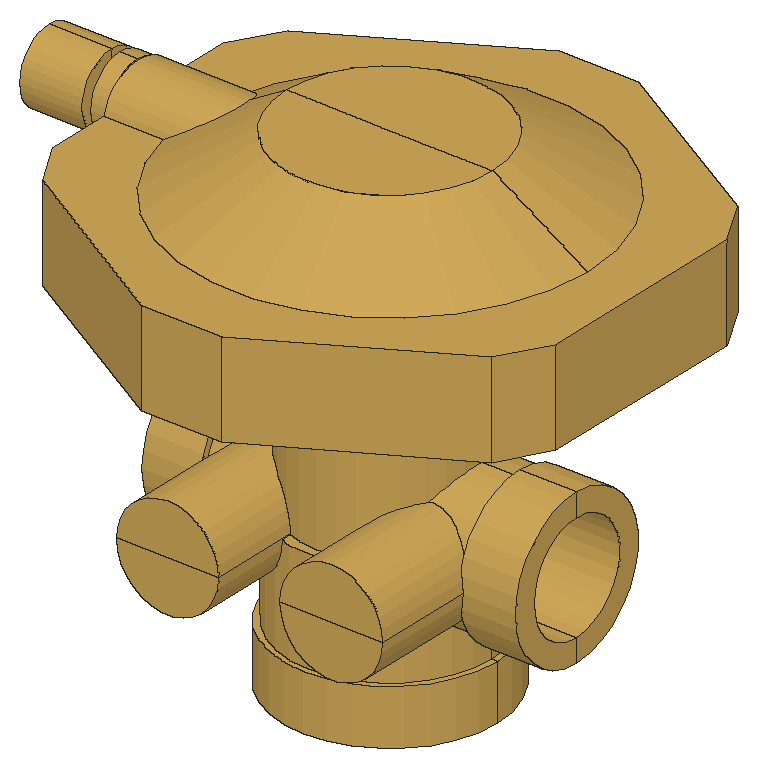
Revit family "Differenzdruckregler 4202 FIX TS 23kPa", category Rohrzubehör, Revit 2018
Family settings
  Bemaßung runder Anschluss = Durchmesser verwenden
  Teiletyp = Unterbricht
  OmniClass-Nummer = 23.65.55.14
  OmniClass-Titel = Valves for Liquid Services
  Arbeitsebenenbasiert = Nein
  Immer vertikal = Ja
  Beim Laden mit Abzugskörper schneiden = Nein
  Gemeinsam genutzt = Nein
Parameters (values of type "Ohne Dämmung")
  y2 [instance] = K14 + K9 + H01  # 49.149 mm
  y1 [instance] = (R03 * 2) + R05  # 66.000 mm
  Min. Betriebstemperatur (Frostschutz) = -20 °C  # constant formula
  Max. zulässige Betriebstemperatur bis DN32 = 130 °C  # constant formula
  Max. zulässige Betriebstemperatur DN40 - DN50 = 110 °C  # constant formula
  Max. Differenzdruck am Gehäuse = 400000.0 Pa  # constant formula
  Max. Betriebsdruck = 2500000.0 Pa  # constant formula
  Ventilschaft = "Edelstahl 14301"  # constant formula
  URL = "www.herz-armaturen.at"
  SCRNSEQ = "ARM;ARM_TYP=\"DIFR\";2"
  SCRNCODE = "05;03;4"  # constant formula
  S06 [instance] = 1.000 mm  # constant formula
  S05 [instance] = S01 - 1.000 mm  # 16.250 mm
  S04 [instance] = S02 - 1.000 mm  # 18.000 mm
  S03 [instance] = size_lookup("4202_FIX_TS_23", "S03", 26.500 mm, Nennweite)  # 25.600 mm
  S02 [instance] = size_lookup("4202_FIX_TS_23", "S02", 19.000 mm, Nennweite)  # 19.000 mm
  S01 [instance] = size_lookup("4202_FIX_TS_23", "S01", 17.250 mm, Nennweite)  # 17.250 mm
  Regleranschlussmutter = "Messing CW614N"  # constant formula
  Regelbereich = "FIX 23kPa"  # constant formula
  R06 [instance] = size_lookup("4202_FIX_TS_23", "R06", 14.500 mm, Nennweite)  # 14.500 mm
  R05 [instance] = size_lookup("4202_FIX_TS_23", "R05", 46.000 mm, Nennweite)  # 46.000 mm
  R04 [instance] = size_lookup("4202_FIX_TS_23", "R04", 12.500 mm, Nennweite)  # 12.500 mm
  R03 [instance] = size_lookup("4202_FIX_TS_23", "R03", 10.000 mm, Nennweite)  # 10.000 mm
  R02 = 14.500 mm  # constant formula
  R01 [instance] = size_lookup("4202_FIX_TS_23", "R01", 12.500 mm, Nennweite)  # 12.500 mm
  Min. Betriebstemperatur (reines Wasser) = 2 °C  # constant formula
  O-Ringe = "EPDM"  # constant formula
  Nennweite [instance] = 15.000 mm
  Membrangehäuse = "Messing CW602N"  # constant formula
  Membrane = "EPDM"  # constant formula
  Medium = "Wasserbeschaffenheit nach ÖNORM H 5195 und VDI 2035\r\nDie Verwendung von Ethylen- und Propylenglykol ist im\r\nMischungsverhältnis 25 - 50 Vol.-% zulässig."
  L2 [instance] = size_lookup("4202_FIX_TS_23", "L2", 161.000 mm, Nennweite)  # 161.000 mm
  L [instance] = size_lookup("4202_FIX_TS_23", "L", 66.000 mm, Nennweite)  # 66.000 mm
  K9 = 4.000 mm  # constant formula
  K8 = 55.000 mm  # constant formula
  K7 = 8.700 mm  # constant formula
  K6 = 11.700 mm  # constant formula
  K5 = 13.000 mm  # constant formula
  K4 = 12.000 mm  # constant formula
  K3 = 15.000 mm  # constant formula
  K2 = 2.350 mm  # constant formula
  K18 = 89.000 mm  # constant formula
  K17 = 66.700 mm  # constant formula
  K16 = 3.000 mm  # constant formula
  K15 = 26.649 mm  # constant formula
  K14 = 16.649 mm  # constant formula
  K13 = 16.649 mm  # constant formula
  K12 = 10.000 mm  # constant formula
  K11 = 35.000 mm  # constant formula
  K10 = 18.250 mm  # constant formula
  K1.1 = 2.350 mm  # constant formula
  K1 = 7.651 mm  # constant formula
  J9 = 15.700 mm  # constant formula
  J8 = 7.850 mm  # constant formula
  J7 = 15.897 mm  # constant formula
  J6 = 3.900 mm  # constant formula
  J5 = 6.500 mm  # constant formula
  J4 = 1.500 mm  # constant formula
  J3 = 3.200 mm  # constant formula
  J2 = 11.000 mm  # constant formula
  J11 = 3.500 mm  # constant formula
  J10 = 18.897 mm  # constant formula
  J1 = 6.500 mm  # constant formula
  Hersteller = "HERZ-Armaturen Ges.m.b.H"  # constant formula
  H2 [instance] = size_lookup("4202_FIX_TS_23", "H2", 28.000 mm, Nennweite)  # 28.000 mm
  H1 [instance] = K1 + K2 + K3 + K4 + K5 + K7 + K8 + K16 + 16.650 mm  # 133.351 mm
  H04 = 4.000 mm  # constant formula
  H03 = 9.800 mm  # constant formula
  H02 [instance] = size_lookup("4202_FIX_TS_23", "H02", 53.000 mm, Nennweite)  # 53.000 mm
  H01 [instance] = size_lookup("4202_FIX_TS_23", "H01", 25.000 mm, Nennweite)  # 28.500 mm
  Gehäuse = "DZR Messing CC770S"  # constant formula
  G03 [instance] = size_lookup("4202_FIX_TS_23", "G03", 13.200 mm, Nennweite)  # 13.200 mm
  G02 [instance] = size_lookup("4202_FIX_TS_23", "G02", 9.500 mm, Nennweite)  # 9.500 mm
  G01 [instance] = size_lookup("4202_FIX_TS_23", "G01", 13.500 mm, Nennweite)  # 13.500 mm
  Hinweise zum Material = "Gemäß Art 33 der REACH-Verordnung (EG Nr. 1907/2006) sind wir verpflichtet, darauf hinzuweisen,\r\ndass der Stoff Blei auf der SVHC-Liste geführt wird und dass alle aus Messing bestehenden Bauteile,\r\ndie in unseren Erzeugnissen verarbeitet sind, mehr als 0,1 % (w/w) Blei (CAS: 7439-92-1 / EINECS:\r\n231-100-4) enthalten. Da Blei als Legierungsbestandteil fest gebunden ist, sind keine Expositionen zu\r\nerwarten und daher sind keine zusätzlichen Angaben zur sicheren Verwendung notwendig.\r\n\r\nIm Hanf enthaltenes Ammoniak schädigt\r\nMessingventilgehäuse, EPDM Dichtungen werden durch\r\nMineralöle bzw. mineralölhaltige Schmierstoffe aufgequollen\r\nund führen somit zum Ausfall der EPDM-Dichtungen. Für\r\nFrost- und Korrosionsschutzmittel auf der Basis von Ethylen- und Propylenglykol sind die entsprechenden\r\nAngaben den Unterlagen des Herstellers zu entnehmen."
  Dämmung = no
  Dämmschale = "EPP (expandiertes Polypropylen)"  # constant formula
  Druckfeder = "Federstahl, rost-und säurebeständig"  # constant formula
  DN50 [instance] = Nennweite = 50.000 mm  # no
  DN40 [instance] = Nennweite = 40.000 mm  # no
  DN32-40 [instance] = or(Nennweite = 32.000 mm, Nennweite = 40.000 mm)  # no
  DN32 [instance] = Nennweite = 32.000 mm  # no
  DN25,32,40 [instance] = or(Nennweite = 25.000 mm, Nennweite = 32.000 mm, Nennweite = 40.000 mm)  # no
  DN25 [instance] = Nennweite = 25.000 mm  # no
  DN20 [instance] = Nennweite = 20.000 mm  # no
  DN15-25 [instance] = or(Nennweite = 15.000 mm, Nennweite = 20.000 mm, Nennweite = 25.000 mm)  # yes
  DN15,20,50 [instance] = or(Nennweite = 15.000 mm, Nennweite = 20.000 mm, Nennweite = 50.000 mm)  # yes
  DN15 [instance] = Nennweite = 15.000 mm  # yes
  D07 [instance] = if(Nennweite = 15.000 mm, 32.500 mm, if(Nennweite = 20.000 mm, 33.500 mm, if(Nennweite = 25.000 mm, 33.500 mm, if(Nennweite = 32.000 mm, 49.500 mm, if(Nennweite = 40.000 mm, 59.500 mm, if(Nennweite = 50.000 mm, 59.500 mm, 0.000 mm))))))  # 32.500 mm
  D06 [instance] = if(Nennweite = 15.000 mm, 32.500 mm, if(Nennweite = 20.000 mm, 33.500 mm, if(Nennweite = 25.000 mm, 33.500 mm, if(Nennweite = 32.000 mm, 49.500 mm, if(Nennweite = 40.000 mm, 59.500 mm, if(Nennweite = 50.000 mm, 59.500 mm, 0.000 mm))))))  # 32.500 mm
  D05 [instance] = if(Nennweite = 15.000 mm, 36.750 mm, if(Nennweite = 20.000 mm, 40.700 mm, if(Nennweite = 25.000 mm, 49.200 mm, if(Nennweite = 32.000 mm, 54.150 mm, if(Nennweite = 40.000 mm, 60.750 mm, if(Nennweite = 50.000 mm, 72.700 mm, 0.000 mm))))))  # 36.750 mm
  D04 [instance] = if(Nennweite = 15.000 mm, 78.500 mm, if(Nennweite = 20.000 mm, 82.000 mm, if(Nennweite = 25.000 mm, 84.000 mm, if(Nennweite = 32.000 mm, 120.000 mm, if(Nennweite = 40.000 mm, 130.000 mm, if(Nennweite = 50.000 mm, 130.500 mm, 0.000 mm))))))  # 78.500 mm
  D03 [instance] = if(Nennweite = 15.000 mm, 96.000 mm, if(Nennweite = 20.000 mm, 110.000 mm, if(Nennweite = 25.000 mm, 112.000 mm, if(Nennweite = 32.000 mm, 152.000 mm, if(Nennweite = 40.000 mm, 170.000 mm, if(Nennweite = 50.000 mm, 179.000 mm, 0.000 mm))))))  # 96.000 mm
  D02 [instance] = size_lookup("4202_FIX_TS_23", "R05", 41.000 mm, Nennweite)  # 46.000 mm
  D01 [instance] = size_lookup("4202_FIX_TS_23", "G01", 13.220 mm, Nennweite)  # 13.500 mm
  Bestellnummer Dämmung [instance] = if(and(Dämmung, Nennweite = 15.000 mm), 1409611, if(and(Dämmung, Nennweite = 20.000 mm), 1409612, if(and(Dämmung, Nennweite = 25.000 mm), 1409613, if(and(Dämmung, Nennweite = 32.000 mm), 1409614, if(and(Dämmung, Nennweite = 40.000 mm), 1409615, if(and(Dämmung, Nennweite = 50.000 mm), 1409616, 0))))))  # 0
  Bestellnummer [instance] = if(Nennweite = 15.000 mm, 1420281, if(Nennweite = 20.000 mm, 1420282, if(Nennweite = 25.000 mm, 1420283, if(Nennweite = 32.000 mm, 1420284, if(Nennweite = 40.000 mm, 1420285, if(Nennweite = 50.000 mm, 1420286, 0))))))  # 1420281
  B2 [instance] = size_lookup("4202_FIX_TS_23", "B2", 31.000 mm, Nennweite)  # 31.000 mm
  B1 [instance] = size_lookup("4202_FIX_TS_23", "B1", 26.000 mm, Nennweite)  # 26.000 mm
  B04 = 100.649 mm  # constant formula
  B03 = 44.500 mm  # constant formula
  B02 = 104.688 mm  # constant formula
  B01 = 10.000 mm  # constant formula
  Anwendungsgebiet = "Der Differenzdruckregler ist ein Regler mit linearer Kennlinie in Geradsitzausführung und arbeitet ohne Hilfsenergie. Der Differenzdruck-Sollwert beträgt 23 kPa, 50 kPa bzw 13 kPa. Im Lieferumfang enthalten ist die Impulsleitung (1000 mm), diese ist mit einem Strangregulierventil im Vorlauf zu verbinden."
  Anschlussnippel = "Messing CW602N"  # constant formula
  Anschlussgewinde für Antrieb = "Messing CW602N"  # constant formula
Types (2, lengths in mm): name | Dämmung | Bestellnummer Dämmung
  Ohne Dämmung | no | 0
  Mit Dämmung | yes | 1409611
Reference planes
  plane 1 "Mitte (Vorne/hinten)": y = 0
  plane 2: z = 0
  plane 3 "Mitte (Links/rechts)": x = 0
Forms (mm)
  Revolve 1, solid, material "Messing, weicher Gelbton, geschweißt", detail levels fine
    sketch origin (0, 0, 0) x (1, 0, 0) y (0, 0, 1)
      loop
        line (-19.8, 0) -> (19.8, 0) -> (19.8, 9.5) -> (33, 9.5) -> (33, 13.5) -> (23, 13.5) -> (23, 12.5) -> (-23, 12.5) -> (-23, 13.5) -> (-33, 13.5) -> (-33, 9.5) -> (-19.8, 9.5) -> (-19.8, 0)
      axis (-33, 0) -> (33, 0)
    angle from 0 to 360
  Revolve 2, solid, material "Messing, weicher Gelbton, geschweißt", detail levels fine
    sketch origin (0, 0, 0) x (1, 0, 0) y (0, 0, 1)
      loop
        line (0, -28) -> (0, 0) -> (-18, 0) -> (-18, -18.2) -> (-19, -18.2) -> (-19, -28) -> (0, -28)
      axis (0, 0) -> (0, -28)
    angle from 0 to 360
  Extrusion 3, solid, material "Messing, weicher Gelbton, geschweißt", detail levels fine
    sketch origin (0, 0, 0) x (0, -1, 0) y (1, 0, 0)
      loop
        line (-46, -7.038) -> (-27.114, -39.75) -> (-18.886, -44.5) -> (18.886, -44.5) -> (27.114, -39.75) -> (46, -7.038) -> (46, 7.038) -> (27.114, 39.75) -> (18.886, 44.5) -> (-18.886, 44.5) -> (-27.114, 39.75) -> (-46, 7.038) -> (-46, -7.038)
    from 32.5 to 49.149
  Revolve 4, solid, material "Messing, weicher Gelbton, geschweißt", detail levels fine
    sketch origin (0, 0, -7.051) x (1, 0, 0) y (0, 0, 1)
      loop
        line (0, 56.2) -> (0, 66.2) -> (-18.25, 66.2) -> (-35, 56.2) -> (0, 56.2)
      axis (0, 66.2) -> (0, 56.2)
    angle from 0 to 360
  Revolve 5, solid, material "Messing, weicher Gelbton, geschweißt", visible <- "DN15-25", detail levels fine
    sketch origin (-11, 0, 0) x (1, 0, 0) y (0, 1, 0)
      loop
        line (-1.5, 26) -> (-9.2, 26) -> (-9.2, 0) -> (-1.5, 0) -> (-1.5, 26)
      axis (-1.5, 0) -> (-1.5, 26)
    angle from 0 to 360
  Revolve 6, solid, material "Messing, weicher Gelbton, geschweißt", detail levels fine
    sketch origin (-0.988, 0, -6.853) x (-1, 0, 0) y (0, 0, 1)
      loop
        line (43.5, 55.25) -> (59.2, 55.25) -> (59.2, 61.75) -> (48.2, 61.75) -> (48.2, 59.15) -> (46.7, 59.15) -> (46.7, 61.75) -> (43.5, 61.75) -> (43.5, 55.25)
      axis (43.5, 55.25) -> (59.2, 55.25)
    angle from 0 to 360
  Extrusion 7, solid, material "Messing, weicher Gelbton, geschweißt", detail levels fine
    sketch origin (0, 0, 0) x (0, 1, 0) y (0, 0, -1)
      loop
        line (7.85, -47.047) -> (7.85, -36) -> (-7.85, -36) -> (-7.85, -47.047)
        arc (-7.85, -47.047) -> (0, -54.897) -> (7.85, -47.047) r 7.85
    from 0 to 44.5
  Revolve 8, solid, material "Messing, weicher Gelbton, geschweißt", visible <- "DN15-25", detail levels fine
    sketch origin (-2, 0, 0) x (1, 0, 0) y (0, 1, 0)
      loop
        line (-12.5, 0) -> (-21.5, 0) -> (-21.5, -31) -> (-12.5, -31) -> (-12.5, 0)
      axis (-12.5, 0) -> (-12.5, -31)
    angle from 0 to 360
  Revolve 9, solid, material "Messing, weicher Gelbton, geschweißt", visible <- "DN15-25", detail levels fine
    sketch origin (2, 0, 0) x (1, 0, 0) y (0, 1, 0)
      loop
        line (12.5, 0) -> (12.5, -31) -> (21.6, -31) -> (21.6, 0) -> (12.5, 0)
      axis (12.5, 0) -> (12.5, -31)
    angle from 0 to 360
  Extrusion 10, solid, material "Messing, weicher Gelbton, geschweißt", visible <- "DN32", detail levels fine
    sketch origin (-31.5, 0, 0) x (1, 0, 0) y (0, 1, 0)
      loop
        circle (63, 0) r 6.578
      loop
        circle (63, 0) r 3.28
    from -47 to 0
  Extrusion 11, solid, material "Messing, weicher Gelbton, geschweißt", visible <- "DN32", detail levels fine
    sketch origin (31.5, 0, 0) x (-1, 0, 0) y (0, -1, 0)
      loop
        circle (63, 0) r 6.578
      loop
        circle (63, 0) r 3.28
    from -47 to 0
  Revolve 12, solid, material "Messing, weicher Gelbton, geschweißt", detail levels fine
    sketch origin (0, 0, 0) x (1, 0, 0) y (0, 0, 1)
      loop
        line (-16.25, 0) -> (0, 0) -> (0, 32.5) -> (-12.25, 32.5) -> (-12.25, 28.5) -> (-17.25, 28.5) -> (-17.25, 18.7) -> (-16.25, 18.7) -> (-16.25, 0)
      axis (0, 32.5) -> (0, 0)
    angle from 0 to 360
  Extrusion 13, solid, material "Messing, weicher Gelbton, geschweißt", visible <- "DN40", detail levels fine
    sketch origin (29.382, 0, 0) x (-1, 0, 0) y (0, -1, 0)
      loop
        circle (63, 0) r 6.578
      loop
        circle (63, 0) r 3.28
    from -58 to 0
  Extrusion 14, solid, material "Messing, weicher Gelbton, geschweißt", visible <- "DN40", detail levels fine
    sketch origin (-29.455, 0, 0) x (1, 0, 0) y (0, 1, 0)
      loop
        circle (63, 0) r 6.578
      loop
        circle (63, 0) r 3.28
    from -58 to 0
  Extrusion 15, solid, material "Messing, weicher Gelbton, geschweißt", visible <- "DN50", detail levels fine
    sketch origin (28.422, 0, 0) x (-1, 0, 0) y (0, -1, 0)
      loop
        circle (63, 0) r 6.578
      loop
        circle (63, 0) r 3.28
    from -58 to 0
  Extrusion 16, solid, material "Messing, weicher Gelbton, geschweißt", visible <- "DN50", detail levels fine
    sketch origin (-28.422, 0, 0) x (1, 0, 0) y (0, 1, 0)
      loop
        circle (63, 0) r 6.578
      loop
        circle (63, 0) r 3.28
    from -58 to 0
  Revolve 17, solid, material "Messing, weicher Gelbton, geschweißt", visible <- "DN32-40", detail levels fine
    sketch origin (-11, 0, 0) x (1, 0, 0) y (0, 1, 0)
      loop
        line (-1.5, -26) -> (-1.5, 0) -> (-9.2, 0) -> (-9.2, -26) -> (-1.5, -26)
      axis (-1.5, 0) -> (-1.5, -26)
    angle from 0 to 360
  Revolve 18, solid, material "Kunststoff-Anthrazit/Schwarz", visible <- "Dämmung"
    sketch origin (0, 0, 0) x (1, 0, 0) y (0, 0, 1)
      loop
        line (48, 32.5) -> (-48, 32.5) -> (-48, 13.5) -> (-23, 13.5) -> (-23, 0) -> (0, 0) -> (23, 0) -> (23, 13.5) -> (48, 13.5) -> (48, 32.5)
      axis (-48, 0) -> (48, 0)
    angle from 0 to 360
  Revolve 19, solid, material "Kunststoff-Anthrazit/Schwarz", visible <- "Dämmung"
    sketch origin (0, 0, 0) x (1, 0, 0) y (0, 0, 1)
      loop
        line (0, -46) -> (36.75, -46) -> (36.75, 32.5) -> (0, 32.5) -> (0, -46)
      axis (0, 32.5) -> (0, -46)
    angle from 0 to 360
Lines and regions (mm)
  model lines, detail levels coarse+medium
    curve 1: line (33, -13.5, 0) -> (33, 13.5, 0)
    curve 2: line (33, 13.5, 0) -> (-33, -13.5, 0)
    curve 3: line (-33, -13.5, 0) -> (-33, 13.5, 0)
    curve 4: line (-33, 13.5, 0) -> (33, -13.5, 0)
    curve 5: line (0, -18.5, 0) -> (0, -32.5, 0)
    curve 6: spline (-44.5, -40.824, 0) -> (-42.984, -38.67, 0) -> (-38.538, -36.662, 0) -> (-31.466, -34.938, 0) -> (-22.25, -33.615, 0) -> (-11.517, -32.784, 0) -> (0, -32.5, 0) -> (11.517, -32.784, 0) -> (22.25, -33.615, 0) -> (31.466, -34.938, 0) -> (38.538, -36.662, 0) -> (42.984, -38.67, 0) -> (44.5, -40.825, 0) -> (42.984, -42.979, 0) -> (38.538, -44.987, 0) -> (31.466, -46.711, 0) -> (22.25, -48.034, 0) -> (11.517, -48.865, 0) -> (0, -49.149, 0) -> (-11.517, -48.865, 0) -> (-22.25, -48.034, 0) -> (-31.466, -46.711, 0) -> (-38.538, -44.987, 0) -> (-42.984, -42.979, 0) -> (-44.5, -40.824, 0)
    curve 7: line (0, 0, 13.5) -> (0, 0, 32.5)
    curve 8: spline (-44.5, 0, 40.825) -> (-42.984, 0, 42.979) -> (-38.538, 0, 44.987) -> (-31.466, 0, 46.711) -> (-22.25, 0, 48.034) -> (-11.517, 0, 48.865) -> (0, 0, 49.149) -> (11.517, 0, 48.865) -> (22.25, 0, 48.034) -> (31.466, 0, 46.711) -> (38.538, 0, 44.987) -> (42.984, 0, 42.979) -> (44.5, 0, 40.824) -> (42.984, 0, 38.67) -> (38.538, 0, 36.662) -> (31.466, 0, 34.938) -> (22.25, 0, 33.615) -> (11.517, 0, 32.784) -> (0, 0, 32.5) -> (-11.517, 0, 32.784) -> (-22.25, 0, 33.615) -> (-31.466, 0, 34.938) -> (-38.538, 0, 36.662) -> (-42.984, 0, 38.67) -> (-44.5, 0, 40.825)
    curve 9: line (0, 0, 13.5) -> (16.5, 0, 6.75)
    curve 10: line (0, 0, 13.5) -> (-16.5, 0, 6.75)
    curve 11: line (0, -18.5, 0) -> (-6.483, -2.652, 0)
    curve 12: line (0, -18.5, 0) -> (6.483, -2.652, 0)
    curve 13: line (-33, 0, 13.5) -> (33, 0, -13.5)
    curve 14: line (33, 0, -13.5) -> (33, 0, 13.5)
    curve 15: line (33, 0, 13.5) -> (-33, 0, -13.5)
    curve 16: line (-33, 0, -13.5) -> (-33, 0, 13.5)
Dimensions and locks
  "G01": Revolve 1 sketch curve to Revolve 1 sketch curve  (x2)
  "R01": Revolve 1 sketch curve to Revolve 1 sketch curve
  "R03": Revolve 1 sketch curve to Revolve 1 sketch curve  (x2)
  "K10": Revolve 4 sketch curve to Revolve 4 sketch curve
  "K11": Revolve 4 sketch curve to Revolve 4 sketch curve
  "B1": Revolve 5 sketch curve to Revolve 5 sketch curve
  "J1": Revolve 6 sketch curve to Revolve 6 sketch curve
  "J3": Revolve 6 sketch curve to Revolve 6 sketch curve
  "J4": Revolve 6 sketch curve to Revolve 6 sketch curve
  "J2": Revolve 6 sketch curve to Revolve 6 sketch curve
  "J5": Revolve 6 sketch curve to Revolve 6 sketch curve
  "J6": Revolve 6 sketch curve to Revolve 6 sketch curve
  "H2": plane 2 to Revolve 2 sketch curve
  "H03": Revolve 2 sketch curve to Revolve 2 sketch curve
  "S02": plane 3 "Mitte (Links/rechts)" to Revolve 2 sketch curve
  "B02": Revolve 6 to Extrusion 3
  "B03": Extrusion 3 to plane 3 "Mitte (Links/rechts)"
  "R04": Revolve 5 sketch curve to plane 3 "Mitte (Links/rechts)"
  "K12": Revolve 4 sketch curve to Revolve 4 sketch curve
  "K13": Revolve 4 sketch curve to Extrusion 3
  "K14": Extrusion 3 to Extrusion 3
  "R05": Revolve 1 sketch curve to Revolve 1 sketch curve
  equal spacing: Revolve 1 sketch curve, plane 3 "Mitte (Links/rechts)", Revolve 1 sketch curve
  "B2": plane 1 "Mitte (Vorne/hinten)" to Revolve 8 sketch curve
  "B2": Revolve 9 sketch curve to plane 1 "Mitte (Vorne/hinten)"
  "R06": Revolve 8 sketch curve to plane 3 "Mitte (Links/rechts)"
  "R06": plane 3 "Mitte (Links/rechts)" to Revolve 9 sketch curve
  "S01": Revolve 12 sketch curve to plane 3 "Mitte (Links/rechts)"
  "S05": plane 3 "Mitte (Links/rechts)" to Revolve 12 sketch curve
  "H04": Revolve 12 sketch curve to Revolve 12 sketch curve
  "H03": Revolve 12 sketch curve to Revolve 12 sketch curve
  "H01": Revolve 12 sketch curve to plane 2
  "K9": Extrusion 3 to Revolve 12
  "S06": Revolve 2 sketch curve to Revolve 2 sketch curve
  "J7": Revolve 6 sketch curve to Extrusion 3
  "J9": Extrusion 7 sketch curve to Extrusion 7 sketch curve
  "J10": Revolve 6 to Extrusion 7 sketch curve
  "J11": Extrusion 7 sketch curve to Extrusion 3
  "K18": Extrusion 3 to Extrusion 3
  "K18": curve 8 to curve 8
  "G01": curve 10 to plane 2
  "K14": curve 8 to curve 8
  "y2": curve 8 to plane 2
  "G01": plane 1 "Mitte (Vorne/hinten)" to curve 4
  "G01": curve 3 to plane 1 "Mitte (Vorne/hinten)"
  equal spacing: curve 3, curve 8, curve 1
  equal spacing: curve 3, curve 12, curve 1
  "y1": curve 3 to curve 1
  "G01": plane 1 "Mitte (Vorne/hinten)" to curve 2
  "G01": curve 4 to plane 1 "Mitte (Vorne/hinten)"
  "K18": curve 6 to curve 6
  "K14": curve 6 to curve 6
  "y2": curve 6 to plane 1 "Mitte (Vorne/hinten)"
  "B1": Revolve 17 sketch curve to Revolve 17 sketch curve
  "R04": Revolve 17 sketch curve to plane 3 "Mitte (Links/rechts)"
  "G02": Revolve 1 sketch curve to plane 2  (x2)
  "G03": Revolve 1 sketch curve to Revolve 1 sketch curve  (x2)
  Revolve 1 sketch curve to Revolve 1 sketch curve = 66.000 mm
  equal spacing: curve 10, plane 3 "Mitte (Links/rechts)", curve 9
  "L": curve 14 to curve 16
  equal spacing: curve 14, curve 6, curve 16
  equal spacing: curve 14, curve 9, curve 10, curve 10, curve 16
  "G01": curve 16 to plane 2
  "G01": plane 2 to curve 16
  "G01": curve 15 to plane 2
  "G01": plane 2 to curve 14
  "D07": Revolve 18 sketch curve to plane 2
  "D01": Revolve 18 sketch curve to plane 2  (x2)
  "D03": Revolve 18 sketch curve to Revolve 18 sketch curve
  "D02": Revolve 18 sketch curve to Revolve 18 sketch curve
  equal spacing: Revolve 18 sketch curve, plane 3 "Mitte (Links/rechts)", Revolve 18 sketch curve  (x2)
  "D06": Revolve 19 sketch curve to plane 2
  "D05": Revolve 19 sketch curve to Revolve 19 sketch curve
  "D04": Revolve 19 sketch curve to Revolve 19 sketch curve
  "J8": radius of Extrusion 7 sketch curve
  aligned and locked: level to plane 2
Automatic sketch dimensions
  plane 3 "Mitte (Links/rechts)" to Extrusion 3 sketch curve = 7.038 mm  (x2)
  Extrusion 3 sketch curve to plane 1 "Mitte (Vorne/hinten)" = 46.000 mm
  Extrusion 3 sketch curve to plane 1 "Mitte (Vorne/hinten)" = 27.114 mm  (x2)
  Extrusion 3 sketch curve to Extrusion 3 sketch curve = 8.227 mm  (x4)
  plane 1 "Mitte (Vorne/hinten)" to Extrusion 3 sketch curve = 18.886 mm  (x2)
  Extrusion 3 sketch curve to Extrusion 3 sketch curve = 18.886 mm
  Extrusion 3 sketch curve to plane 3 "Mitte (Links/rechts)" = 7.038 mm  (x2)
  Extrusion 3 sketch curve to Extrusion 3 sketch curve = 32.712 mm  (x4)
  Extrusion 3 sketch curve to Extrusion 3 sketch curve = 4.750 mm  (x2)
  Extrusion 10 sketch curve to Extrusion 10 sketch curve = 0.000 mm  (x2)
  plane 1 "Mitte (Vorne/hinten)" to Extrusion 10 sketch curve = 0.000 mm
  plane 3 "Mitte (Links/rechts)" to Extrusion 10 sketch curve = 31.500 mm
  Extrusion 11 sketch curve to Extrusion 11 sketch curve = 0.000 mm  (x2)
  plane 1 "Mitte (Vorne/hinten)" to Extrusion 11 sketch curve = 0.000 mm
  plane 3 "Mitte (Links/rechts)" to Extrusion 11 sketch curve = 31.500 mm
  Extrusion 13 sketch curve to Extrusion 13 sketch curve = 0.000 mm  (x2)
  plane 1 "Mitte (Vorne/hinten)" to Extrusion 13 sketch curve = 0.000 mm
  plane 3 "Mitte (Links/rechts)" to Extrusion 13 sketch curve = 33.618 mm
  Extrusion 14 sketch curve to Extrusion 14 sketch curve = 0.000 mm  (x2)
  plane 1 "Mitte (Vorne/hinten)" to Extrusion 14 sketch curve = 0.000 mm
  plane 3 "Mitte (Links/rechts)" to Extrusion 14 sketch curve = 33.545 mm
  Extrusion 15 sketch curve to Extrusion 15 sketch curve = 0.000 mm  (x2)
  plane 1 "Mitte (Vorne/hinten)" to Extrusion 15 sketch curve = 0.000 mm
  plane 3 "Mitte (Links/rechts)" to Extrusion 15 sketch curve = 34.578 mm
  Extrusion 16 sketch curve to Extrusion 16 sketch curve = 0.000 mm  (x2)
  plane 1 "Mitte (Vorne/hinten)" to Extrusion 16 sketch curve = 0.000 mm
  plane 3 "Mitte (Links/rechts)" to Extrusion 16 sketch curve = 34.578 mm
  curve 8 to plane 3 "Mitte (Links/rechts)" = 0.000 mm
  curve 11 to plane 3 "Mitte (Links/rechts)" = 0.000 mm
  curve 6 to plane 3 "Mitte (Links/rechts)" = 0.000 mm
  curve 5 to curve 12 = 14.000 mm
  Revolve 1 sketch curve to level = 0.000 mm  (x2)
  Revolve 1 sketch curve to Revolve 1 sketch curve = 1473.530 mm
  Revolve 1 sketch curve to Revolve 1 sketch curve = 1806.148 mm
  Revolve 2 sketch curve to level = 0.000 mm
  Revolve 2 sketch curve to plane 3 "Mitte (Links/rechts)" = 0.000 mm  (x2)
  Revolve 2 sketch curve to Revolve 2 sketch curve = 1.000 mm
  Revolve 2 sketch curve to Revolve 2 sketch curve = 334.045 mm
  level to Revolve 2 sketch curve = 2218.015 mm
  Revolve 4 sketch curve to plane 3 "Mitte (Links/rechts)" = 0.000 mm  (x2)
  Revolve 4 sketch curve to level = 373.096 mm
  Revolve 4 sketch curve to Revolve 4 sketch curve = 2155.315 mm
  plane 1 "Mitte (Vorne/hinten)" to Revolve 5 sketch curve = 0.000 mm  (x2)
  Revolve 5 sketch curve to Revolve 5 sketch curve = 0.000 mm  (x2)
  Revolve 5 sketch curve to Revolve 5 sketch curve = 7.700 mm
  plane 3 "Mitte (Links/rechts)" to Revolve 6 sketch curve = 44.488 mm
  Revolve 6 sketch curve to Revolve 6 sketch curve = 0.000 mm  (x3)
  Extrusion 7 sketch curve to plane 1 "Mitte (Vorne/hinten)" = 0.000 mm
  Extrusion 7 sketch curve to Extrusion 7 sketch curve = 11.047 mm
  Extrusion 7 sketch curve to Extrusion 7 sketch curve = 0.000 mm
  plane 1 "Mitte (Vorne/hinten)" to Revolve 8 sketch curve = 0.000 mm  (x2)
  Revolve 8 sketch curve to Revolve 8 sketch curve = 9.000 mm
  Revolve 8 sketch curve to Revolve 8 sketch curve = 0.000 mm  (x2)
  plane 1 "Mitte (Vorne/hinten)" to Revolve 9 sketch curve = 0.000 mm  (x2)
  Revolve 9 sketch curve to Revolve 9 sketch curve = 9.100 mm
  Revolve 9 sketch curve to Revolve 9 sketch curve = 0.000 mm  (x2)
  Revolve 12 sketch curve to level = 0.000 mm  (x2)
  Revolve 12 sketch curve to plane 3 "Mitte (Links/rechts)" = 0.000 mm  (x2)
  Revolve 12 sketch curve to Revolve 12 sketch curve = 5.000 mm
  Revolve 12 sketch curve to Revolve 12 sketch curve = 0.000 mm
  plane 1 "Mitte (Vorne/hinten)" to Revolve 17 sketch curve = 0.000 mm  (x2)
  Revolve 17 sketch curve to Revolve 17 sketch curve = 7.700 mm
  Revolve 17 sketch curve to Revolve 17 sketch curve = 0.000 mm  (x2)
  Revolve 18 sketch curve to level = 0.000 mm  (x2)
  Revolve 18 sketch curve to plane 3 "Mitte (Links/rechts)" = 0.000 mm
  Revolve 18 sketch curve to Revolve 18 sketch curve = 0.000 mm  (x2)
  Revolve 19 sketch curve to plane 3 "Mitte (Links/rechts)" = 0.000 mm  (x2)
  Revolve 19 sketch curve to Revolve 19 sketch curve = 0.000 mm  (x2)
  radius of Extrusion 10 sketch curve = 6.578 mm
  radius of Extrusion 10 sketch curve = 3.280 mm
  radius of Extrusion 11 sketch curve = 6.578 mm
  radius of Extrusion 11 sketch curve = 3.280 mm
  radius of Extrusion 13 sketch curve = 6.578 mm
  radius of Extrusion 13 sketch curve = 3.280 mm
  radius of Extrusion 14 sketch curve = 6.578 mm
  radius of Extrusion 14 sketch curve = 3.280 mm
  radius of Extrusion 15 sketch curve = 6.578 mm
  radius of Extrusion 15 sketch curve = 3.280 mm
  radius of Extrusion 16 sketch curve = 6.578 mm
  radius of Extrusion 16 sketch curve = 3.280 mm
Nested families
  nested 1: "Herz-Logo-vorne" at (-0.018, 17.815, -12.904) x (0, -1, 0) z (0, 0, 1), type "Herz-Logo-vorne", detail levels fine
  nested 2: "Herz-Logo-vorne" at (-0.018, 24.058, 0) x (0, -1, 0) z (0, 0, 1), visible <- "DN32", type "Herz-Logo-vorne", detail levels fine
  nested 3: "Herz-Logo-vorne" at (-0.018, 33.471, 0) x (0, -1, 0) z (0, 0, 1), visible <- "DN50", type "Herz-Logo-vorne", detail levels fine
  nested 4: "Herz-Logo-vorne" at (-0.018, 26.482, 0) x (0, -1, 0) z (0, 0, 1), visible <- "DN40", type "Herz-Logo-vorne", detail levels fine
Connectors
  piping at (33, 0, 0), diameter 15, driven by "Nennweite"
    settings: on Revolve 1, index 1, connector inside diameter 609.6 mm, connector length 0.000 mm, flow factor 0, pipe flow 0.0 L/s, pressure drop 0.0 Pa, fitting loss kfactor 0, connector angle 0.00°, fixture units 0, engagement length 0.000 mm, angle of deflection 0.00°, flow configuration 0, flow direction 2, fitting loss method 0, system type 29, joint type 0, gender type 0, connector reference index -1, connector utility 0, adjustable connector no, is connector primary yes, connector description ""
  piping at (-33, 0, 0), diameter 15, driven by "Nennweite"
    settings: on Revolve 1, index 2, connector inside diameter 609.6 mm, connector length 0.000 mm, flow factor 0, pipe flow 0.0 L/s, pressure drop 0.0 Pa, fitting loss kfactor 0, connector angle 0.00°, fixture units 0, engagement length 0.000 mm, angle of deflection 0.00°, flow configuration 0, flow direction 1, fitting loss method 0, system type 7, joint type 0, gender type 0, connector reference index -1, connector utility 0, adjustable connector no, is connector primary no, connector description ""
Definition of nested family "Herz-Logo-vorne"
  Reference planes
    plane 1 "Mitte (Vorne/hinten)": y = 0
    plane 2: z = 0
    plane 3 "Mitte (Links/rechts)": x = 0
  Forms (mm)
    Extrusion 1, solid
      sketch origin (0.732, -0.018, 0.017) x (0, -1, 0) y (0, 0, 1)
        loop
          line (-0.018, -4.517) -> (4.482, -4.517) -> (4.482, 4.483) -> (-4.518, 4.483) -> (-4.518, -4.517) -> (-0.018, -4.517)
        loop
          line (-0.05, -3.48) -> (3.482, -3.48) -> (3.482, 3.483) -> (-3.518, 3.483) -> (-3.518, -3.48) -> (-0.05, -3.48)
        loop
          arc (-0.018, 2.383) -> (-1.543, 3.287) -> (-3.067, 2.383) r 1.738
          arc (-3.067, 2.383) -> (-3.191, 1.899) -> (-3.067, 1.415) r 1.009
          line (-3.067, 1.415) -> (-0.018, -3.281) -> (3.032, 1.415)
          arc (3.032, 1.415) -> (3.156, 1.899) -> (3.032, 2.383) r 1.009
          arc (3.032, 2.383) -> (1.507, 3.287) -> (-0.018, 2.383) r 1.738
        loop
          arc (1.885, 1.272) -> (2.005, 1.675) -> (1.885, 2.079) r 0.74
          arc (1.885, 2.079) -> (1.265, 2.416) -> (0.644, 2.079) r 0.74
          line (0.644, 2.079) -> (-0.018, 0.97) -> (-0.679, 2.079)
          arc (-0.679, 2.079) -> (-1.3, 2.416) -> (-1.921, 2.079) r 0.74
          arc (-1.921, 2.079) -> (-2.04, 1.675) -> (-1.921, 1.272) r 0.74
          line (-1.921, 1.272) -> (-0.018, -1.658) -> (1.885, 1.272)
      from 0 to 1.5
  Dimensions and locks
    aligned and locked: level to plane 2
